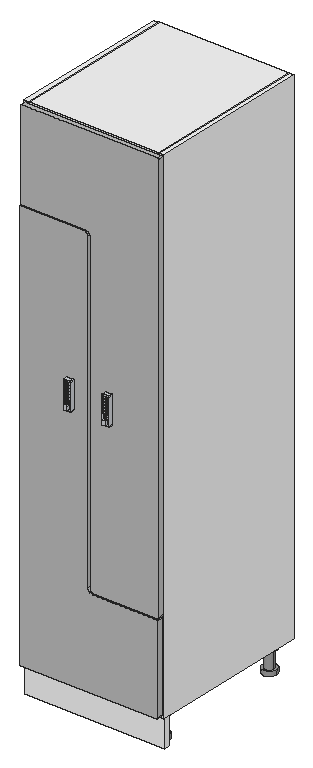
Revit family "1900H Z Door", category Casework, Revit 2016 (continued)
Definition of nested family "M3 Lock"
  Automatic sketch dimensions
    Extrusion 10 sketch curve to plane 28 = 0 mm
    Extrusion 10 sketch curve to plane 27 = 0 mm
    Extrusion 10 sketch curve to plane 1 "Back" = 6.89 mm
    plane 8 "BackFront" to Extrusion 10 sketch curve = 0.045 mm
    Extrusion 11 sketch curve to plane 28 = 0 mm
    Extrusion 11 sketch curve to plane 27 = 0 mm
    Extrusion 11 sketch curve to plane 1 "Back" = 6.89 mm
    plane 8 "BackFront" to Extrusion 11 sketch curve = 0.045 mm
    Extrusion 12 sketch curve to plane 28 = 0 mm
    Extrusion 12 sketch curve to plane 27 = 0 mm
    Extrusion 12 sketch curve to plane 1 "Back" = 6.89 mm
    plane 8 "BackFront" to Extrusion 12 sketch curve = 0.045 mm
    Extrusion 13 sketch curve to plane 28 = 0 mm
    Extrusion 13 sketch curve to plane 27 = 0 mm
    Extrusion 13 sketch curve to plane 1 "Back" = 6.89 mm
    plane 8 "BackFront" to Extrusion 13 sketch curve = 0.045 mm
    Extrusion 14 sketch curve to plane 28 = 0 mm
    Extrusion 14 sketch curve to plane 27 = 0 mm
    Extrusion 14 sketch curve to plane 1 "Back" = 6.89 mm
    plane 8 "BackFront" to Extrusion 14 sketch curve = 0.045 mm
    Extrusion 15 sketch curve to plane 3 "Center (Left/Right)" = 0 mm
    Extrusion 15 sketch curve to plane 32 = 0 mm
    Extrusion 16 sketch curve to plane 3 "Center (Left/Right)" = 0 mm
    Extrusion 16 sketch curve to plane 32 = 0 mm
    Extrusion 17 sketch curve to plane 3 "Center (Left/Right)" = 0 mm
    Extrusion 17 sketch curve to plane 32 = 0 mm
    Extrusion 18 sketch curve to Extrusion 18 sketch curve = 0 mm  (x2)
    Extrusion 18 sketch curve to plane 16 = 0 mm
    Extrusion 18 sketch curve to plane 3 "Center (Left/Right)" = 0 mm
    Extrusion 18 sketch curve to plane 17 = 0 mm
    Extrusion 18 sketch curve to plane 32 = 0 mm
    Extrusion 18 sketch curve to plane 15 "Barrel Base" = 2.515 mm
    Extrusion 18 sketch curve to plane 15 "Barrel Base" = 0.883 mm
    Extrusion 19 sketch curve to plane 3 "Center (Left/Right)" = 0 mm
    Extrusion 19 sketch curve to plane 32 = 0 mm
    Extrusion 20 sketch curve to plane 35 = 0 mm
    Extrusion 20 sketch curve to plane 36 = 0 mm
    Extrusion 20 sketch curve to plane 38 = 0 mm
    Extrusion 20 sketch curve to plane 37 = 0 mm
    radius of Extrusion 15 sketch curve = 14.25 mm
    radius of Extrusion 16 sketch curve = 12.7 mm
    radius of Extrusion 17 sketch curve = 7.362 mm
    radius of Extrusion 19 sketch curve = 13.48 mm
Types (4, lengths in mm): name | ModelReference | M3 Lock | E4 Lock | AB Lock
  (no name) | "LW519Z2E4NP" | no | yes | no
  LW519Z2ABNP | "LW519Z2ABNP" | no | no | yes
  LW519Z2M3NP | "LW519Z2M3NP" | yes | no | no
  LW519Z2E4NP | "LW519Z2E4NP" | no | yes | no
